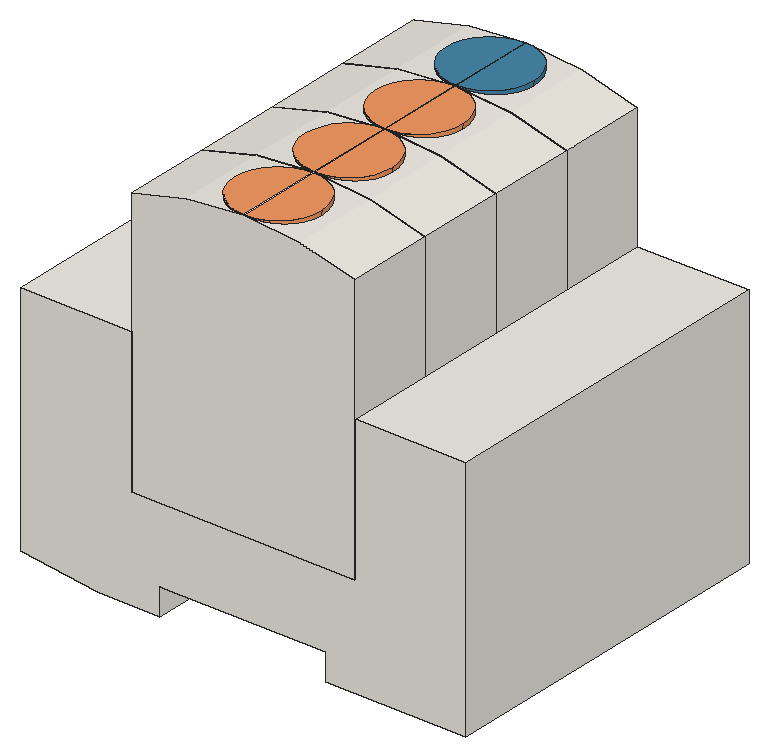
Revit family "Kombiableiter V50, 3-polig+NPE mit FS", category Generic Models, Revit 2015
Parameters (values of type "V50-3+NPE+FS-385")
  Width = 90 mm
  URL = "http://www.obo-bettermann.com"
  Material 3 = PA 66/6 FR HF RAL 5017
  Material 2 = PA 66/6 FR HF RAL 2003
  Material = PA 66/6 FR HF RAL 9010
  Manufacturer Art.No. = "5093592"
  Manufacturer = "OBO Bettermann"
  Length = 71.2 mm
  Height = 78.5 mm
  GTIN = "4012196398621"
  Article Type = "V50-3+NPE+FS-385"
Types (5, lengths in mm): name | Manufacturer Art.No. | GTIN | Article Type
  (no name) | "5093592" | "4012196398621" | "V50-3+NPE+FS-385"
  V50-3+NPE+FS-150 | "5093462" | "4012196398706" | "V50-3+NPE+FS-150"
  V50-3+NPE+FS-280 | "5093533" | "4012196159710" | "V50-3+NPE+FS-280"
  V50-3+NPE+FS-320 | "5093562" | "4012196398546" | "V50-3+NPE+FS-320"
  V50-3+NPE+FS-385 | "5093592" | "4012196398621" | "V50-3+NPE+FS-385"
Reference planes
  plane 1 "Center (Front/Back)": y = 0
  plane 2: z = 0
  plane 3 "Center (Left/Right)": x = 0
  plane 4: y = 17.8
  plane 5: z = 78.5
  plane 6: z = 78.5
  plane 7: z = 77.5
  plane 8: y = 35.6
  plane 9: y = 53.4
  plane 10: y = 71.2
Forms (mm)
  Extrusion 1, solid, material "PA 66/6 FR HF RAL 9010" <- "Material"
    sketch origin (0, 0, 0) x (1, 0, 0) y (0, 0, 1)
      loop
        line (-29.35, 0) -> (-16.75, 0) -> (-16.75, 5.5) -> (16.75, 5.5) -> (16.75, 0) -> (45, 0) -> (45, 49.5) -> (22.5, 49.5) -> (22.5, 20.5) -> (-22.5, 20.5) -> (-22.5, 49.5) -> (-45, 49.5) -> (-45, 1.922) -> (-29.35, 0)
    from -71.2 to 0
  Extrusion 2, solid, material "PA 66/6 FR HF RAL 9010" <- "Material"
    sketch origin (0, 0, 0) x (1, 0, 0) y (0, 0, 1)
      loop
        line (-22.5, 20.5) -> (22.5, 20.5) -> (22.5, 74.639)
        arc (22.5, 74.639) -> (0, 78.5) -> (-22.5, 74.639) r 67.488
        line (-22.5, 74.639) -> (-22.5, 20.5)
    from -17.8 to 0
  Extrusion 3, solid, material "PA 66/6 FR HF RAL 2003" <- "Material 2"
    sketch origin (0, 0, 0) x (1, 0, 0) y (0, 1, 0)
      loop
        circle (0, 8.9) r 8.75
    from 77.5 to 78.5
  Extrusion 4, solid, material "PA 66/6 FR HF RAL 9010" <- "Material"
    sketch origin (0, 0, 0) x (1, 0, 0) y (0, 0, 1)
      loop
        line (-22.5, 74.639) -> (-22.5, 20.5) -> (22.5, 20.5) -> (22.5, 74.639)
        arc (22.5, 74.639) -> (0, 78.5) -> (-22.5, 74.639) r 67.488
    from -35.6 to -17.8
  Extrusion 5, solid, material "PA 66/6 FR HF RAL 2003" <- "Material 2"
    sketch origin (0, 0, 0) x (1, 0, 0) y (0, 1, 0)
      loop
        circle (0, 26.7) r 8.8
    from 77.5 to 78.5
  Extrusion 6, solid, material "PA 66/6 FR HF RAL 9010" <- "Material"
    sketch origin (0, 0, 0) x (1, 0, 0) y (0, 0, 1)
      loop
        line (-22.5, 74.639) -> (-22.5, 20.5) -> (22.5, 20.5) -> (22.5, 74.639)
        arc (22.5, 74.639) -> (0, 78.5) -> (-22.5, 74.639) r 67.488
    from -53.4 to -35.6
  Extrusion 7, solid, material "PA 66/6 FR HF RAL 2003" <- "Material 2"
    sketch origin (0, 0, 0) x (1, 0, 0) y (0, 1, 0)
      loop
        circle (0, 44.5) r 8.8
    from 77.5 to 78.5
  Extrusion 8, solid, material "PA 66/6 FR HF RAL 9010" <- "Material"
    sketch origin (0, 0, 0) x (1, 0, 0) y (0, 0, 1)
      loop
        line (-22.5, 74.639) -> (-22.5, 20.5) -> (22.5, 20.5) -> (22.5, 74.639)
        arc (22.5, 74.639) -> (0, 78.5) -> (-22.5, 74.639) r 67.488
    from -71.2 to -53.4
  Extrusion 9, solid, material "PA 66/6 FR HF RAL 5017" <- "Material 3"
    sketch origin (0, 0, 0) x (1, 0, 0) y (0, 1, 0)
      loop
        circle (0, 62.3) r 8.8
    from 77.5 to 78.5
Dimensions and locks
  locked: Extrusion 1 sketch curve to Extrusion 1 sketch curve at 33.5
  locked: plane 3 "Center (Left/Right)" to Extrusion 1 sketch curve at 16.75
  locked: Extrusion 1 sketch curve to level at 5.5
  "Width": Extrusion 1 sketch curve to Extrusion 1 sketch curve
  equal spacing: Extrusion 1 sketch curve, plane 3 "Center (Left/Right)", Extrusion 1 sketch curve, locked at 45 each
  locked: Extrusion 1 sketch curve to Extrusion 1 sketch curve at 44
  locked: Extrusion 1 sketch curve to Extrusion 1 sketch curve at 45
  equal spacing: Extrusion 1 sketch curve, plane 3 "Center (Left/Right)", Extrusion 1 sketch curve, locked at 22.5 each
  locked: Extrusion 1 sketch curve to Extrusion 1 sketch curve at 29
  locked: Extrusion 1 sketch curve to Extrusion 1 sketch curve at 15.65
  locked: Extrusion 1 sketch curve to level at 1.922
  "Height": plane 5 to level
  locked: Extrusion 2 sketch curve to Extrusion 1 at 54.139
  locked: Extrusion 2 to Extrusion 3 sketch curve at 8.9
  "Height": plane 6 to level
  locked: plane 6 to plane 7 at 1
  locked: plane 4 to plane 1 "Center (Front/Back)" at 17.8
  Extrusion 4 to Extrusion 5 sketch curve = 8.9 mm
  locked: plane 8 to plane 4 at 17.8
  locked: Extrusion 6 to Extrusion 7 sketch curve at 8.9
  locked: plane 9 to plane 8 at 17.8
  "Length": plane 1 "Center (Front/Back)" to plane 10
  locked: Extrusion 8 to Extrusion 9 sketch curve at 8.9
  radius of Extrusion 2 sketch curve = 67.488 mm
  radius of Extrusion 3 sketch curve = 8.75 mm
  radius of Extrusion 5 sketch curve = 8.8 mm
  radius of Extrusion 7 sketch curve = 8.8 mm
  radius of Extrusion 9 sketch curve = 8.8 mm
  aligned and locked: level to plane 2
  aligned and locked: Extrusion 1 sketch curve to level  (x2)
  aligned and locked: Extrusion 1 sketch curve to Extrusion 1 sketch curve
  aligned and locked: plane 1 "Center (Front/Back)" to Extrusion 1
  aligned and locked: Extrusion 2 sketch curve to Extrusion 1  (x3)
  aligned and locked: Extrusion 2 sketch curve to Extrusion 2 sketch curve
  aligned and locked: plane 1 "Center (Front/Back)" to Extrusion 2
  aligned and locked: plane 6 to Extrusion 3
  aligned and locked: Extrusion 3 to plane 7
  aligned and locked: Extrusion 4 sketch curve to Extrusion 2  (x4)
  aligned and locked: Extrusion 4 to plane 4
  aligned and locked: Extrusion 5 to Extrusion 3  (x2)
  aligned and locked: Extrusion 6 sketch curve to Extrusion 2  (x4)
  aligned and locked: Extrusion 6 to plane 8
  aligned and locked: Extrusion 7 to Extrusion 3  (x2)
  aligned and locked: plane 10 to Extrusion 1
  aligned and locked: Extrusion 8 sketch curve to Extrusion 2  (x4)
  aligned and locked: Extrusion 1 to Extrusion 8
  aligned and locked: Extrusion 8 to plane 9
  aligned and locked: Extrusion 9 to Extrusion 3  (x2)
Automatic sketch dimensions
  Extrusion 3 sketch curve to plane 3 "Center (Left/Right)" = 0 mm
  Extrusion 5 sketch curve to plane 3 "Center (Left/Right)" = 0 mm
  Extrusion 7 sketch curve to plane 3 "Center (Left/Right)" = 0 mm
  Extrusion 9 sketch curve to plane 3 "Center (Left/Right)" = 0 mm
